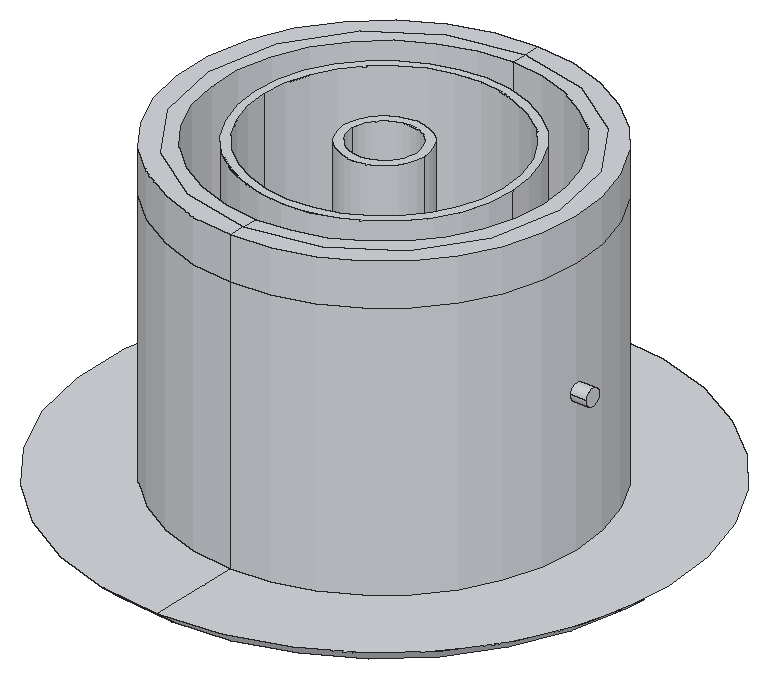
Revit family "JFR", category Air Terminals, Revit 2012
Parameters (values of type "JFR-06")
  URL = "http://www.innes.com.mx\r\nhttp://www.innes.com.mx\r\n\r\nhttp://www.innes.com.mx\r\nhttp://www.innes.com.mx"
  Radio 2int = Radio 2ext - 1/8"  # 1/2"
  Radio 2ext = A / 2 - 2 3/8"  # 5/8"
  Radio 1int = Radio 1ext - 1/8"  # 1 7/8"
  Radio 1ext = A / 2 - 1"  # 2"
  Mínima velocidad de cuello = 0 FPM
  Mínima presión estática = 0.00 in-wg
  Máximo nivel de ruido (NC) = ""
  Máxima velocidad de cuello = 0 FPM
  Máxima presión estática = 0.00 in-wg
  Material = ""
  Manufacturer = "INNES"
  D = A + 1/2"  # 6 1/2"
  Cuello = ""
  B = 8 7/8"
  A = 6"
Types (5): name | Radio 2int | Radio 2ext | Radio 1int | Radio 1ext | D | B | A
  (no name) | 1/2" | 5/8" | 1 7/8" | 2" | 6 1/2" | 8 7/8" | 6"
  JFR-06 | 1/2" | 5/8" | 1 7/8" | 2" | 6 1/2" | 8 7/8" | 6"
  JFR-08 | 1 1/2" | 1 5/8" | 2 7/8" | 3" | 8 1/2" | 10 7/16" | 8"
  JFR-10 | 2 1/2" | 2 5/8" | 3 7/8" | 4" | 10 1/2" | 12 11/16" | 10"
  JFR-12 | 3 1/2" | 3 5/8" | 4 7/8" | 5" | 12 1/2" | 14 15/16" | 12"
Reference planes (in)
  plane 1 "Center (Front/Back)": y = 0
  plane 2: z = 0
  plane 3 "Center (Left/Right)": x = 0
  plane 4: z = 5.25
  plane 5: z = 0.59375
  plane 6: z = 4.59375
  plane 7: y = 4.4375
  plane 8: y = -4.4375
  plane 9: y = -3
  plane 10: y = 3
  plane 11: y = 3
  plane 12: y = -3
  plane 13: x = 3.25
  plane 14: x = -3.25
Forms (in)
  Revolve 1, solid
    sketch origin (0, 0, 0) x (0, 1, 0) y (0, 0, 1)
      loop
        line (4.4375, 0.59375) -> (3, 0.59375) -> (3, 4.59375) -> (3, 5.25) -> (2.75, 5.25) -> (2.5, 5.25) -> (2.5, 0) -> (3, 0)
        arc (3, 0) -> (3.77765, 0.15428) -> (4.4375, 0.59375) r 2.03701
      axis (0, 0) -> (0, 5.25)
    angle from 0 to 360
  Extrusion 2, solid
    sketch origin (0, 0, 0) x (1, 0, 0) y (0, 1, 0)
      loop
        circle (0, 0) r 2
      loop
        circle (0, 0) r 1.875
    from 0 to 5.25
  Extrusion 3, solid
    sketch origin (0, 0, 0) x (1, 0, 0) y (0, 1, 0)
      loop
        circle (0, 0) r 0.625
      loop
        circle (0, 0) r 0.5
    from 0 to 5.25
  Extrusion 4, solid
    sketch origin (0, 0, 0) x (0, 1, 0) y (0, 0, 1)
      loop
        circle (0, 2.80972) r 0.125
    from -3.25 to 3.25
Dimensions and locks (in)
  locked: plane 4 to level at 5.25
  locked: plane 5 to level at 0.59375
  locked: plane 4 to plane 6 at 0.65625
  equal spacing: plane 7, plane 1 "Center (Front/Back)", plane 8
  "B": plane 7 to plane 8
  equal spacing: plane 10, plane 1 "Center (Front/Back)", plane 9
  "A": plane 10 to plane 9
  equal spacing: plane 11, plane 1 "Center (Front/Back)", plane 12
  "A": plane 11 to plane 12
  equal spacing: plane 13, plane 3 "Center (Left/Right)", plane 14
  "D": plane 13 to plane 14
  "Radio 1ext": radius of Extrusion 2 sketch curve
  "Radio 1int": radius of Extrusion 2 sketch curve
  "Radio 2ext": radius of Extrusion 3 sketch curve
  "Radio 2int": radius of Extrusion 3 sketch curve
  aligned and locked: plane 2 to level
  aligned and locked: Extrusion 3 to Revolve 1
  aligned and locked: Extrusion 2 to Revolve 1
  aligned and locked: plane 4 to Extrusion 3
  aligned and locked: plane 4 to Extrusion 2
  aligned and locked: plane 13 to Extrusion 4
  aligned and locked: Extrusion 4 to plane 14
Automatic sketch dimensions
  Revolve 1 sketch curve to plane 1 "Center (Front/Back)" = 0"
  Revolve 1 sketch curve to plane 4 = 0"  (x3)
  Revolve 1 sketch curve to plane 11 = 0"
  Revolve 1 sketch curve to level = 0"
  Revolve 1 sketch curve to plane 10 = 0"  (x2)
  Revolve 1 sketch curve to plane 5 = 0"
  Revolve 1 sketch curve to plane 7 = 0"
  plane 10 to Revolve 1 sketch curve = 1/2"
  plane 5 to Revolve 1 sketch curve = 1.66795"
  Extrusion 2 sketch curve to Extrusion 2 sketch curve = 0"  (x2)
  plane 1 "Center (Front/Back)" to Extrusion 2 sketch curve = 0"
  Extrusion 2 sketch curve to plane 3 "Center (Left/Right)" = 0"
  Extrusion 3 sketch curve to Extrusion 3 sketch curve = 0"  (x2)
  plane 1 "Center (Front/Back)" to Extrusion 3 sketch curve = 0"
  Extrusion 3 sketch curve to plane 3 "Center (Left/Right)" = 0"
  Revolve 1 sketch curve to plane 6 = 0"  (x2)
  Revolve 1 sketch curve to Revolve 1 sketch curve = 1/4"
  Revolve 1 sketch curve to Revolve 1 sketch curve = 0"
  Extrusion 4 sketch curve to plane 1 "Center (Front/Back)" = 0"
  Extrusion 4 sketch curve to plane 6 = 1.78403"
  radius of Extrusion 4 sketch curve = 1/8"
Connectors (in)
  hvac at (0, 0, 5.25), driven by "A"
    settings: on Revolve 1, index 1, duct flow 0 CFM, flow factor 0, pres drop 0.00 in-wg, loss coef 0, conn angle 0.00°, conn width 12", conn height 12", conn radius 6", duct sys type 1, conn prof type 0, flow config 0, flow direction 0, loss method 0, conn ref index -1, conn util no, is conn primary yes, conn desc ""
